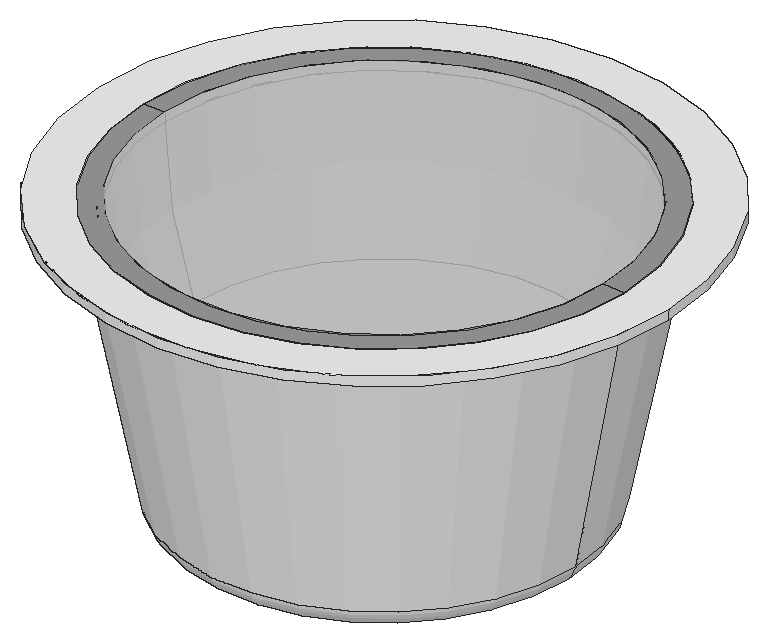
Revit family "2060541 Sylvania Lighting Fixture ASCENT 100 II ARCH 1000 3K STD EMG 160", category Lighting Fixtures, host Face, Revit 2016
Family settings
  Host = Face
  Part Type = Normal
  Round Connector Dimension = Use Diameter
  OmniClass Number = 23.80.70.11.17
  OmniClass Title = Specialized Lighting by Location or Use
  Cut with Voids When Loaded = No
  Light Source = Yes
  Shared = No
  Room Calculation Point = No
Parameters (values of type "2060541 ASCT100 II ARCH 1000 3K STD EMG 160 Emergency mode")
  WidthBezelAcc_SYL = 25.0 mm
  Weight = "1.92 kg"
  Wattage = 1.65741 W
  WarrantyStartDate [instance] = "n/a"
  WarrantyGuarantorParts = "n/a"
  WarrantyDurationUnit = "n/a"
  WarrantyDurationParts = "n/a"
  WarrantyDescription = "n/a"
  built-in parameter 1150110 = 1 (stored number, unit not read)
  Voltage = 0 V
  VisibilityAccessory_SYL = no
  TypeName = "ASCT100 II ARCH 1000 3K STD EMG 160 Emergency mode"
  built-in parameter 1114217 = 1 (stored number, unit not read)
  Tilt Angle = -90°
  built-in parameter 1150109 = 1 (stored number, unit not read)
  built-in parameter 1150134 = (empty or 0)
  built-in parameter 1150113 = 1 (stored number, unit not read)
  SerialNumber [instance] = "n/a"
  ReflectorRadius_SYL = Radius_SYL - 14.5 mm  # 80.0 mm
  RadiusAcc_SYL = 105.0 mm
  Radius_SYL = 94.5 mm
  URL = "http://www.sylvania-lighting.com"
  PowerFactor = 0
  PowerConsumption = "9 W"
  Photometric Web File = "2060541EM.ies"
  NominalWidth = 0.0 mm
  NominalLength = 0.0 mm
  NominalHeight = 94.0 mm
  Name = "ASCT100 II ARCH 1000 3K STD EMG 160 Emergency mode"
  ModelReference = "ASCT100 II ARCH 1000 3K STD EMG 160 Emergency mode"
  ModelNumber = "2060541"
  Material_4_SYL = none
  Material_3_SYL = Polycarbonate_Sylvania_Ascent_Opal
  Material_2_SYL = Aluminium_Sylvania_Ascent_Silver
  Material_1_SYL = Aluminum_Sylvania_Ascent_White
  Material = "aluminium housing, arcylic diffuser"
  ManufacturerName = "Feilo Sylvania"
  LuminousEfficacy = "108 lm/W"
  built-in parameter 1150105 = 14.244 (stored number, unit not read)
  Lumens = 179 lm
  LuminaireType = ""
  built-in parameter 1150115 = 1 (stored number, unit not read)
  LightOutputRatio = "100"
  built-in parameter 1150137 = (empty or 0)
  built-in parameter 1150139 = (empty or 0)
  LampsType = Lamp  # "LED"
  LampNominalLuminous = "968 lm"
  LampMacAdamStep = "3"
  LampColourTemperature = "3000 K"
  LampColourRenderingIndex = "80"
  built-in parameter 1150112 = 1 (stored number, unit not read)
  built-in parameter 1150114 = 1 (stored number, unit not read)
  Keynote = "16500"
  InstallationDate [instance] = "n/a"
  InputVoltage = "n/a"
  InputNominalFrequency = "n/a"
  built-in parameter 1150132 = (empty or 0)
  built-in parameter 1150102 = (empty or 0)
  built-in parameter 1150107 = 3000 (stored number, unit not read)
  built-in parameter 1150138 = (empty or 0)
  IngressProtection = "IP40"
  ImpactProtectionIndex = "IK02"
  built-in parameter 1150106 = 0.14244 (stored number, unit not read)
  IfcExportType = "IfcLightFixtureType"
  IfcExportAs = "IfcLightFixtureType"
  Height_SYL = 94.0 mm
  HeightAcc_SYL = 7.0 mm
  ExpectedLife = 50000
  EmittionSurface_SYL = if(VisibilityAccessory_SYL, 7.0 mm, 3.0 mm)  # 3.0 mm
  Emit from Circle Diameter = DiffuserRadius_SYL * 2  # 146.0 mm
  Emit Shape Visible in Rendering = no
  ElectricShockClassification = "Class II"
  built-in parameter 1150104 = 10.034 (stored number, unit not read)
  DurationUnit = "hours"
  DocumentationLiterature = "http://www.sylvania-lighting.com/product/en-int/products/2060541"
  DimmingControlOptions = "n/a"
  Dimming Lamp Color Temperature Shift = <None>
  DiffuserRadius_SYL = ReflectorRadius_SYL - 7.0 mm  # 73.0 mm
  Diameter_SYL = 2 * Radius_SYL  # 189.0 mm
  CutoutDiameter_SYL = Diameter_SYL - 13.0 mm  # 176.0 mm
  CreatedOn = "9/17/2018"
  CreatedBy = "@sylvania-lighting.com"
  Color Filter = 16777215
  built-in parameter 1114216 [instance] = 1 (stored number, unit not read)
  Model = "ASCT100 II ARCH 1000 3K STD EMG 160 Emergency mode"
  Manufacturer = "Feilo Sylvania"
  Lamp = "LED"
  Description = "Direct LED retro fit for original LED 100 Arch (160) single CFL lamp offering Matching lumen levels and improved light distribution of original LED 100 CFL lamp equivalents Typically half the power consumption compared to CFL Up to 112lm/W 160mm aperture Architectural reflector accepts range of glass accessories from existing LED 100 Arch 160 offering HE, HO and VHO versions equivalent of single 1 x 18W, 1 x 32W, 1 x 42W\r\n Additional VVHO versions which offer the performance circa 2 x 32W equivalent"  # constant formula
  Default Elevation = 0.0 mm
  built-in parameter 1140040 [instance] = 1
  BarCode [instance] = "n/a"
  built-in parameter 1114218 = 1 (stored number, unit not read)
  built-in parameter 1150133 = 10 (stored number, unit not read)
  AssetType = "Fixed"
  AssetIdentifier [instance] = "n/a"
  Assembly Code = "D5020200"
  Apparent Load = 1.65741 VA
  Aperture_SYL = 2 * ReflectorRadius_SYL  # 160.0 mm
Types (2, lengths in mm): name | Wattage | TypeName | Photometric Web File | Name | ModelReference | built-in parameter 1150105 | Lumens | built-in parameter 1150106 | Model | Apparent Load
  2060541 ASCT100 II ARCH 1000 3K STD EMG 160 Emergency mode | 1.65741 W | "ASCT100 II ARCH 1000 3K STD EMG 160 Emergency mode" | "2060541EM.ies" | "ASCT100 II ARCH 1000 3K STD EMG 160 Emergency mode" | "ASCT100 II ARCH 1000 3K STD EMG 160 Emergency mode" | 14.244 (stored number, unit not read) | 179 lm | 0.14244 (stored number, unit not read) | "ASCT100 II ARCH 1000 3K STD EMG 160 Emergency mode" | 1.65741 VA
  2060541 ASCT100 II ARCH 1000 3K STD EMG 160 | 9 W | "ASCENT 100 II ARCH 1000 3K STD EMG 160" | "2060541.ies" | "ASCENT 100 II ARCH 1000 3K STD EMG 160" | "ASCENT 100 II ARCH 1000 3K STD EMG 160" | 77.349 (stored number, unit not read) | 972 lm | 0.77349 (stored number, unit not read) | "ASCENT 100 II ARCH 1000 3K STD EMG 160" | 9 VA
Reference planes
  plane 1 "Center (Front/Back)": y = 0
  plane 2: z = 0
  plane 3 "Center (Left/Right)": x = 0
  plane 4 "Fixture Bottom": z = 3
  plane 5: z = -52.5
  plane 6 "Fixture Top": z = -91
  plane 7: x = -105
  plane 8: z = 7
  plane 9: x = -80
  plane 10: z = 5
  plane 11: x = -103
Forms (mm)
  Extrusion 1, solid, material "Aluminum_Sylvania_Ascent_White", detail levels fine
    sketch origin (0, 0, 0) x (1, 0, 0) y (0, 1, 0)
      loop
        circle (0, 0) r 94.5
      loop
        circle (0, 0) r 80
    from 0 to 3
  Extrusion 2, void
    sketch origin (0, 0, 0) x (1, 0, 0) y (0, 1, 0)
      loop
        circle (0, 0) r 88
    from -91 to 3
  Revolve 3, solid, material "Aluminum_Sylvania_Ascent_White" <- "Material_1_SYL", detail levels fine
    sketch origin (0, 0, 0) x (1, 0, 0) y (0, 0, 1)
      loop
        line (0, -91.073) -> (0, -89.023) -> (-55.468, -89.014)
        arc (-55.468, -89.014) -> (-59.352, -87.613) -> (-61.54, -84.139) r 6.307
        line (-61.54, -84.139) -> (-77.991, -2.844) -> (-77.991, 0) -> (-80, 0) -> (-80, -3) -> (-63.5, -84.536)
        arc (-63.5, -84.536) -> (-60.643, -89.203) -> (-55.5, -91.073) r 8.291
        line (-55.5, -91.073) -> (0, -91.073)
      axis (0, 0) -> (0, -91.073)
    angle from 0 to 360
  Revolve 4, solid, material "Aluminium_Sylvania_Ascent_Silver" <- "Material_2_SYL", detail levels fine
    sketch origin (0, 0, 0) x (1, 0, 0) y (0, 0, 1)
      loop
        line (-80, 3) -> (-80, 0) -> (-75, 0)
        arc (-75, 0) -> (-72.349, -26.77) -> (-64.5, -52.5) r 136.5
        line (-64.5, -52.5) -> (-58, -52.5)
        arc (-58, -52.5) -> (-56.857, -61.521) -> (-53.5, -69.971) r 36.166
        line (-53.5, -69.971) -> (0, -69.971) -> (0, -50.5) -> (-63.16, -50.5)
        arc (-63.16, -50.5) -> (-70.517, -25.725) -> (-73, 0) r 134.5
        line (-73, 0) -> (-73, 3) -> (-80, 3)
      axis (0, 3) -> (0, -69.971)
    angle from 0 to 360
  Extrusion 5, solid, material "Polycarbonate_Sylvania_Ascent_Opal" <- "Material_3_SYL", detail levels fine
    sketch origin (0, 0, 0) x (1, 0, 0) y (0, 1, 0)
      loop
        circle (0, 0) r 73
    from 0 to 3
  Revolve 6, solid, material "Aluminum_Sylvania_Ascent_White" <- "Material_1_SYL", detail levels coarse+medium
    sketch origin (0, 0, 0) x (1, 0, 0) y (0, 0, 1)
      loop
        line (0, -91.073) -> (0, 3) -> (-94.5, 3) -> (-94.5, 0) -> (-79.5, 0) -> (-79.5, -3) -> (-63, -84.536)
        arc (-63, -84.536) -> (-60.143, -89.203) -> (-55, -91.073) r 8.291
        line (-55, -91.073) -> (0, -91.073)
      axis (0, 3) -> (0, -91.073)
    angle from 0 to 360
  Revolve 7, solid, material "Aluminum_Sylvania_Ascent_White" <- "Material_1_SYL", visible <- "VisibilityAccessory_SYL"
    sketch origin (0, 0, 0) x (1, 0, 0) y (0, 0, 1)
      loop
        line (-105, 0) -> (-103, 0) -> (-103, 5) -> (-80, 5) -> (-80, 7) -> (-105, 7) -> (-105, 0)
      axis (0, 7) -> (0, 0)
    angle from 0 to 360
  Revolve 8, solid, material "Polycarbonate_Sylvania_Ascent_Opal" <- "Material_3_SYL", visible <- "VisibilityAccessory_SYL"
    sketch origin (0, 0, 0) x (1, 0, 0) y (0, 0, 1)
      loop
        line (-80, 7) -> (-80, 5) -> (0, 5) -> (0, 7) -> (-80, 7)
      axis (0, 7) -> (0, 5)
    angle from 0 to 360
Lines and regions (mm)
  reference lines
    curve 1: line (-150, 0, 3) -> (125, 0, 3)
Dimensions and locks
  locked: plane 4 "Fixture Bottom" to plane 2 at 3
  "Height_SYL": plane 4 "Fixture Bottom" to plane 6 "Fixture Top"
  "ReflectorRadius_SYL": plane 3 "Center (Left/Right)" to Revolve 4 sketch curve
  locked: Revolve 4 sketch curve to Revolve 4 sketch curve at 15.5
  locked: Revolve 4 sketch curve to Revolve 4 sketch curve at 5
  locked: Revolve 4 sketch curve to Revolve 4 sketch curve at 7
  locked: Revolve 4 sketch curve to Revolve 4 sketch curve at 22
  locked: Revolve 4 sketch curve to Revolve 4 sketch curve at 26.5
  locked: Revolve 3 sketch curve to Revolve 3 sketch curve at 16.5
  locked: Revolve 3 sketch curve to Revolve 3 sketch curve at 24.5
  "ReflectorRadius_SYL": Revolve 3 sketch curve to plane 3 "Center (Left/Right)"
  locked: Revolve 3 sketch curve to plane 6 "Fixture Top" at 6.464
  locked: plane 2 to Revolve 3 sketch curve at 3
  locked: Revolve 3 sketch curve to Revolve 3 sketch curve at 2
  locked: Revolve 3 sketch curve to Revolve 3 sketch curve at 2.009
  locked: plane 2 to plane 5 at 52.5
  locked: Revolve 6 sketch curve to Revolve 6 sketch curve at 31.5
  locked: Revolve 6 sketch curve to Revolve 6 sketch curve at 39.5
  locked: Revolve 6 sketch curve to Revolve 6 sketch curve at 15
  "Radius_SYL": plane 3 "Center (Left/Right)" to Revolve 6 sketch curve
  "RadiusAcc_SYL": plane 3 "Center (Left/Right)" to plane 7
  "HeightAcc_SYL": plane 8 to level
  "WidthBezelAcc_SYL": plane 7 to plane 9
  locked: plane 7 to plane 11 at 2
  locked: plane 8 to plane 10 at 2
  "EmittionSurface_SYL": curve 1 to level
  "CutoutDiameter_SYL": diameter of Extrusion 2 sketch curve
  "ReflectorRadius_SYL": radius of Extrusion 1 sketch curve
  "DiffuserRadius_SYL": radius of Extrusion 5 sketch curve
  "Radius_SYL": radius of Extrusion 1 sketch curve
  aligned and locked: host face to plane 2
  aligned and locked: host face to level
  aligned and locked: plane 4 "Fixture Bottom" to Extrusion 1
  aligned and locked: Extrusion 1 to plane 2
  aligned and locked: Revolve 3 sketch curve to plane 3 "Center (Left/Right)"
  aligned and locked: Revolve 4 sketch curve to plane 3 "Center (Left/Right)"  (x2)
  aligned and locked: plane 4 "Fixture Bottom" to Revolve 4 sketch curve
  aligned and locked: Extrusion 5 to plane 2
  aligned and locked: plane 2 to Revolve 3 sketch curve  (x2)
  aligned and locked: Revolve 6 sketch curve to plane 3 "Center (Left/Right)"
  aligned and locked: plane 6 "Fixture Top" to Extrusion 2
  aligned and locked: Revolve 7 sketch curve to plane 3 "Center (Left/Right)"
  aligned and locked: host face to Revolve 7 sketch curve  (x2)
  aligned and locked: Revolve 7 sketch curve to plane 7
  aligned and locked: plane 8 to Revolve 7 sketch curve
  aligned and locked: plane 9 to Revolve 7 sketch curve
  aligned and locked: Revolve 7 sketch curve to plane 10
  aligned and locked: plane 11 to Revolve 7 sketch curve
  aligned and locked: Revolve 7 to Revolve 8 sketch curve
  aligned and locked: Revolve 8 sketch curve to Revolve 7  (x2)
  aligned and locked: Revolve 8 sketch curve to plane 3 "Center (Left/Right)"  (x2)
  aligned and locked: plane 3 "Center (Left/Right)" to imposter light
  aligned and locked: imposter light to plane 1 "Center (Front/Back)"
  aligned and locked: imposter light to curve 1
Automatic sketch dimensions
  plane 1 "Center (Front/Back)" to Extrusion 2 sketch curve = 0.0 mm
  Extrusion 2 sketch curve to plane 3 "Center (Left/Right)" = 0.0 mm
  Extrusion 1 sketch curve to Extrusion 1 sketch curve = 0.0 mm  (x2)
  plane 1 "Center (Front/Back)" to Extrusion 1 sketch curve = 0.0 mm
  Extrusion 1 sketch curve to plane 3 "Center (Left/Right)" = 0.0 mm
  plane 6 "Fixture Top" to Revolve 3 sketch curve = 0.073 mm
  Revolve 3 sketch curve to plane 6 "Fixture Top" = 6.861 mm
  Revolve 3 sketch curve to Revolve 3 sketch curve = 0.003 mm
  Revolve 3 sketch curve to Revolve 3 sketch curve = 0.009 mm  (x2)
  Revolve 3 sketch curve to Revolve 3 sketch curve = 0.023 mm
  Revolve 3 sketch curve to Revolve 3 sketch curve = 0.072 mm
  Revolve 3 sketch curve to Revolve 3 sketch curve = 0.008 mm
  Revolve 3 sketch curve to plane 6 "Fixture Top" = 1.977 mm
  Revolve 3 sketch curve to Revolve 3 sketch curve = 33.496 mm
  Revolve 3 sketch curve to Revolve 3 sketch curve = 0.028 mm
  plane 4 "Fixture Bottom" to Revolve 3 sketch curve = 82.431 mm
  Revolve 4 sketch curve to Revolve 4 sketch curve = 0.0 mm  (x2)
  Revolve 4 sketch curve to plane 5 = 0.0 mm
  Revolve 4 sketch curve to level = 0.0 mm
  plane 5 to Revolve 4 sketch curve = 2.0 mm
  plane 4 "Fixture Bottom" to Revolve 4 sketch curve = 9.642 mm
  plane 1 "Center (Front/Back)" to Extrusion 5 sketch curve = 0.0 mm
  Extrusion 5 sketch curve to plane 3 "Center (Left/Right)" = 0.0 mm
  Revolve 4 sketch curve to level = 69.971 mm
  Revolve 4 sketch curve to Revolve 4 sketch curve = 2.387 mm
  Revolve 6 sketch curve to level = 0.0 mm
  Revolve 6 sketch curve to plane 3 "Center (Left/Right)" = 0.0 mm
  Revolve 6 sketch curve to Revolve 6 sketch curve = 8.104 mm
  Revolve 6 sketch curve to level = 3.0 mm
  Revolve 6 sketch curve to plane 6 "Fixture Top" = 6.464 mm
  plane 6 "Fixture Top" to Revolve 6 sketch curve = 0.073 mm
  Revolve 6 sketch curve to Revolve 6 sketch curve = 33.496 mm
  plane 4 "Fixture Bottom" to Revolve 6 sketch curve = 82.431 mm
  host sketch curve to host sketch curve = 1704.996 mm
  host sketch curve to host sketch curve = 1500.0 mm
  plane 6 "Fixture Top" to Revolve 7 sketch curve = 281.274 mm
  Revolve 7 sketch curve to plane 8 = 1140.706 mm
  plane 6 "Fixture Top" to Revolve 8 sketch curve = 281.274 mm
  Revolve 8 sketch curve to Revolve 8 sketch curve = 1140.706 mm
  Revolve 3 sketch curve to plane 3 "Center (Left/Right)" = 0.0 mm
  Revolve 6 sketch curve to plane 4 "Fixture Bottom" = 0.0 mm
  plane 7 to curve 1 = 45.0 mm
  plane 3 "Center (Left/Right)" to curve 1 = 125.0 mm
Connectors
  electrical at (0, 0, -91.073), driven by "Apparent Load"
    settings: on Revolve 3, index 1, voltage 240 V, apparent load 0 VA, apparent load phase1 1.65741 VA, apparent load phase2 0 VA, apparent load phase3 0 VA, power factor 1, load classification "Lighting", number of poles 1, system type 31, power factor state 1, is connector primary yes, connector utility no, sub classification motor no, connector description ""
